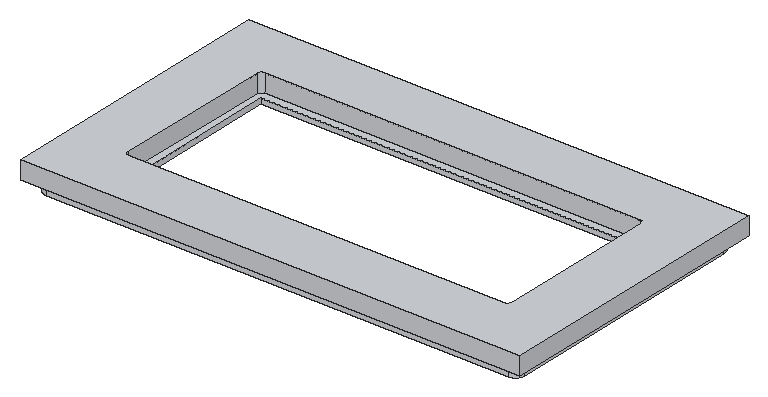
Revit family "Gira_1002221", category Electrical Fixtures, host Face, Revit 2017
Family settings
  Host = Face
  Maintain Annotation Orientation = No
  Round Connector Dimension = Use Diameter
  Part Type = Normal
  Cut with Voids When Loaded = No
  Shared = No
  Room Calculation Point = No
Parameters (values of type "Cov.fr. 2-g w/o cb Gira Esprit Lin.pwd.lt.brown")
  With mounting grid = "No"
  With hinged lid = "No"
  URL = "http://katalog.gira.de/en/datenblatt.html?artikelnr=1002221"
  Type of fastening = "Clamp mounting"
  Transparent = "No"
  Surface protection = "Other"
  Suitable for wall duct = "No"
  Suitable for flush-mounted installation = "Yes"
  Suitable for floor box = "No"
  Suitable for built-in installation = "No"
  Number of units vertical = "2"
  Number of units horizontal = "2"
  Number of units = "2"
  Name = "Cov.fr. 2-g w/o cb Gira Esprit Lin.pwd.lt.brown"
  Mounting direction = "Horizontal and vertical"
  Material quality = "Other"
  Material = "Other"
  Manufacturer URL = "https://www.gira.de/"
  Manufacturer = "Gira"
  Label space/information surface = "No"
  Keynote = ""
  HeinzeBIM = "https://bimportal.heinze.de/bim/cov-fr-2-g-w-o-cb-gira-esprit-lin-pwd-lt-brown/9618e408c9eed7cd7af066a62adec118dd40c820"
  Halogen free = "No"
  HAN = "1002221"
  GTIN = "4010337016052"
  Description = "Cov.fr.2g w o cb Espr. LPwLb,Gira Esprit cover frame,linoleum-plywood light brown,2-gang without crossbar,Notes :,- Natural product. Colour deviations are possible.,- NCS value: approx. NCS S 6010-Y30R"
  Degree of protection (IP) = "IP20"
  Default Elevation = 1219.2 mm
  Data sheet (1) = "https://katalog.gira.de/en/download.html?artikelnr=1002221"
  Colour = "Other"
  Category = "Cover frame for domestic switching devices"
  BIM (1) = "https://media.stage.bim.site/public/gira/36a6b08/Espr._Rahmen_2fach o.Mittelsteg.rfa?public/gira/36a6b08/Espr._Rahmen_2fach o.Mittelsteg.rfa"
  Available = "No"
Reference planes
  plane 1 "Center (Front/Back)": y = 0
  plane 2: z = 0
  plane 3 "Center (Left/Right)": x = 0
Forms (mm)
  Extrusion 1, solid, detail levels fine
    sketch origin (0, 0, 0) x (1, 0, 0) y (0, 1, 0)
      loop
        line (-83, 47.5) -> (-83, -47.5) -> (83, -47.5) -> (83, 47.5) -> (-83, 47.5)
      loop
        arc (-63.75, -26.7) -> (-63.311, -27.761) -> (-62.25, -28.2) r 1.5
        line (-62.25, -28.2) -> (62.25, -28.2)
        arc (62.25, -28.2) -> (63.311, -27.761) -> (63.75, -26.7) r 1.5
        line (63.75, -26.7) -> (63.75, 26.7)
        arc (63.75, 26.7) -> (63.311, 27.761) -> (62.25, 28.2) r 1.5
        line (62.25, 28.2) -> (-62.25, 28.2)
        arc (-62.25, 28.2) -> (-63.311, 27.761) -> (-63.75, 26.7) r 1.5
        line (-63.75, 26.7) -> (-63.75, -26.7)
    from 0 to 6
  Extrusion 2, solid, detail levels fine
    sketch origin (0, 0, 0) x (1, 0, 0) y (0, 1, 0)
      loop
        line (-61.518, -25.7) -> (61.45, -25.7) -> (61.45, 25.7) -> (-61.518, 25.7) -> (-61.518, -25.7)
      loop
        arc (-78.55, -41.3) -> (-78.023, -42.573) -> (-76.75, -43.1) r 1.8
        line (-76.75, -43.1) -> (77.95, -43.1)
        arc (77.95, -43.1) -> (79.223, -42.573) -> (79.75, -41.3) r 1.8
        line (79.75, -41.3) -> (79.75, 41.3)
        arc (79.75, 41.3) -> (79.223, 42.573) -> (77.95, 43.1) r 1.8
        line (77.95, 43.1) -> (-76.75, 43.1)
        arc (-76.75, 43.1) -> (-78.023, 42.573) -> (-78.55, 41.3) r 1.8
        line (-78.55, 41.3) -> (-78.55, -41.3)
    from -1.9 to 0
  Extrusion 3, solid, detail levels fine
    sketch origin (0, 0, 0) x (1, 0, 0) y (0, 1, 0)
      loop
        arc (-76.75, 44.4) -> (-78.871, 43.521) -> (-79.75, 41.4) r 3
        line (-79.75, 41.4) -> (-79.75, -41.4)
        arc (-79.75, -41.4) -> (-78.871, -43.521) -> (-76.75, -44.4) r 3
        line (-76.75, -44.4) -> (76.75, -44.4)
        arc (76.75, -44.4) -> (78.871, -43.521) -> (79.75, -41.4) r 3
        line (79.75, -41.4) -> (79.75, 41.4)
        arc (79.75, 41.4) -> (78.871, 43.521) -> (76.75, 44.4) r 3
        line (76.75, 44.4) -> (-76.75, 44.4)
      loop
        arc (-78.55, -41.4) -> (-78.023, -42.673) -> (-76.75, -43.2) r 1.8
        line (-76.75, -43.2) -> (76.75, -43.2)
        arc (76.75, -43.2) -> (78.023, -42.673) -> (78.55, -41.4) r 1.8
        line (78.55, -41.4) -> (78.55, 41.4)
        arc (78.55, 41.4) -> (78.023, 42.673) -> (76.75, 43.2) r 1.8
        line (76.75, 43.2) -> (-76.75, 43.2)
        arc (-76.75, 43.2) -> (-78.023, 42.673) -> (-78.55, 41.4) r 1.8
        line (-78.55, 41.4) -> (-78.55, -41.4)
    from -3.7 to 0
  Extrusion 4, solid, detail levels medium
    sketch origin (0, 0, 0) x (1, 0, 0) y (0, 1, 0)
      loop
        line (-83, 47.5) -> (-83, -47.5) -> (83, -47.5) -> (83, 47.5) -> (-83, 47.5)
    from 0 to 6
  Extrusion 5, solid, detail levels medium
    sketch origin (0, 0, 0) x (1, 0, 0) y (0, 1, 0)
      loop
        line (-79.75, 44.4) -> (-79.75, -44.4) -> (79.75, -44.4) -> (79.75, 44.4) -> (-79.75, 44.4)
    from -3.7 to 0
  Extrusion 6, solid, detail levels coarse
    sketch origin (0, 0, 0) x (1, 0, 0) y (0, 1, 0)
      loop
        line (-83, 47.5) -> (-83, -47.5) -> (83, -47.5) -> (83, 47.5) -> (-83, 47.5)
    from -3.7 to 6
Dimensions and locks
  aligned and locked: plane 2 to host face
  aligned and locked: level to host face
